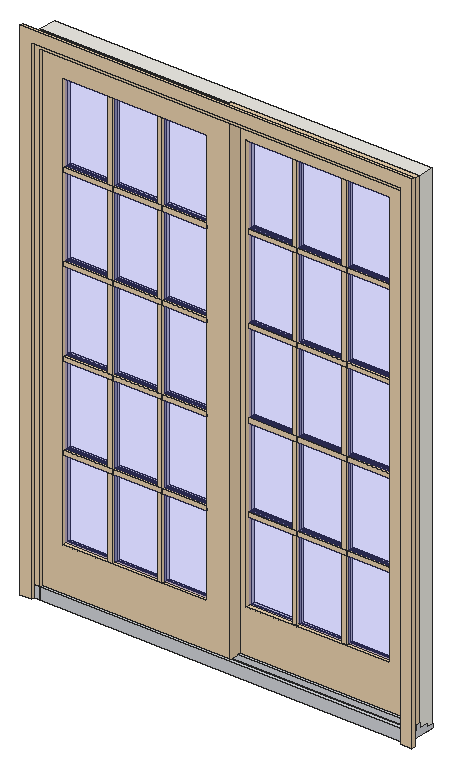
Revit family "Door-Gliding-Andersen-A_Series-Double 3", category Doors, host Wall, Revit 2013 (continued)
Dimensions and locks (in)
  aligned and locked: plane 3 "R Frame" to Masking region 6 sketch curve
  aligned and locked: Masking region 7 sketch curve to plane 13 "Casing S1"
  aligned and locked: Masking region 7 sketch curve to plane 4 "L Frame"
  aligned and locked: plane 10 "Flange" to Masking region 7 sketch curve
  aligned and locked: plane 23 "L Casing 4" to Masking region 7 sketch curve
  aligned and locked: level to Extrusion 5 sketch curve  (x2)
  aligned and locked: Extrusion 5 sketch curve to plane 34 "R Int Casing"
  aligned and locked: plane 36 "R Xjamb 1" to Extrusion 5 sketch curve
  aligned and locked: plane 40 "T Int Casing" to Extrusion 5 sketch curve
  aligned and locked: Extrusion 5 sketch curve to plane 42 "T Xjamb 1"
  aligned and locked: plane 37 "L Int Casing" to Extrusion 5 sketch curve
  aligned and locked: Extrusion 5 sketch curve to plane 39 "L Xjamb 1"
  aligned and locked: Extrusion 5 to host wall
  aligned and locked: Extrusion 5 to plane 8 "Interior Casing"
  aligned and locked: level to Extrusion 6 sketch curve  (x2)
  aligned and locked: plane 36 "R Xjamb 1" to Extrusion 6 sketch curve
  aligned and locked: Extrusion 6 sketch curve to plane 35 "R Xjamb 2"
  aligned and locked: Extrusion 6 sketch curve to plane 42 "T Xjamb 1"
  aligned and locked: plane 41 "T Xjamb 2" to Extrusion 6 sketch curve
  aligned and locked: Extrusion 6 sketch curve to plane 39 "L Xjamb 1"
  aligned and locked: plane 38 "L Xjamb 2" to Extrusion 6 sketch curve
  aligned and locked: plane 52 "Xjamb S1" to Extrusion 6
  aligned and locked: host wall to Extrusion 6
  aligned and locked: plane 10 "Flange" to Masking region 4 sketch curve
  aligned and locked: Masking region 5 sketch curve to plane 10 "Flange"
  aligned and locked: plane 56 "Sill Interior" to Masking region 2 sketch curve
  aligned and locked: plane 9 "Frame S2" to curve 6
  aligned and locked: Masking region 8 sketch curve to plane 20 "R Casing 4"
  aligned and locked: plane 23 "L Casing 4" to Masking region 8 sketch curve
  aligned and locked: level to Masking region 8 sketch curve  (x2)
  aligned and locked: level to Masking region 9 sketch curve  (x2)
  aligned and locked: plane 37 "L Int Casing" to Masking region 9 sketch curve
  aligned and locked: Masking region 9 sketch curve to plane 34 "R Int Casing"
  aligned and locked: plane 40 "T Int Casing" to Masking region 9 sketch curve
  aligned and locked: plane 32 "T Casing 4" to Masking region 8 sketch curve
  aligned and locked: Masking region 10 sketch curve to plane 59 "R Stop"
  aligned and locked: plane 58 "L Stop" to Masking region 10 sketch curve
  aligned and locked: level to Masking region 10 sketch curve
  aligned and locked: plane 60 "T Stop" to Masking region 10 sketch curve
  aligned and locked: Masking region 10 sketch curve to plane 3 "R Frame"
  aligned and locked: plane 5 "T Frame" to Masking region 10 sketch curve
  aligned and locked: plane 4 "L Frame" to Masking region 10 sketch curve
  aligned and locked: plane 12 "Casing S2" to curve 2
  aligned and locked: Sweep 3 to plane 10 "Flange"
  aligned and locked: Masking region 9 sketch curve to plane 39 "L Xjamb 1"
  aligned and locked: plane 36 "R Xjamb 1" to Masking region 9 sketch curve
  aligned and locked: Masking region 9 sketch curve to plane 42 "T Xjamb 1"
  aligned and locked: plane 4 "L Frame" to Masking region 11 sketch curve
  aligned and locked: plane 5 "T Frame" to Masking region 11 sketch curve
  aligned and locked: Masking region 11 sketch curve to plane 3 "R Frame"
  aligned and locked: level to Masking region 11 sketch curve
  aligned and locked: Masking region 11 sketch curve to plane 45 "B Panel"
  aligned and locked: plane 58 "L Stop" to Masking region 11 sketch curve
  aligned and locked: Masking region 11 sketch curve to plane 59 "R Stop"
  aligned and locked: plane 60 "T Stop" to Masking region 11 sketch curve
  aligned and locked: plane 64 "R Panel Width" to Masking region 12 sketch curve
  aligned and locked: plane 61 "Sill Height" to Masking region 10 sketch curve
  aligned and locked: plane 65 "L Panel Width" to Masking region 13 sketch curve
  aligned and locked: plane 66 "R Panel Jamb" to curve 51
  aligned and locked: curve 50 to plane 46 "B Glazing"
  aligned and locked: curve 49 to plane 49 "R Glazing"
  aligned and locked: plane 47 "T Glazing" to curve 48
  aligned and locked: plane 48 "L Glazing" to curve 55
  aligned and locked: curve 54 to plane 46 "B Glazing"
  aligned and locked: plane 67 "L Panel Jamb" to curve 53
  aligned and locked: plane 47 "T Glazing" to curve 52
  aligned and locked: plane 64 "R Panel Width" to curve 60
  aligned and locked: plane 51 "Panel1 S2" to curve 59
  aligned and locked: curve 57 to plane 50 "Panel1 S1"
  aligned and locked: plane 63 "Panel2 S2" to curve 63
  aligned and locked: curve 61 to plane 62 "Panel2 S1"
  aligned and locked: plane 65 "L Panel Width" to curve 62
  aligned and locked: Masking region 13 sketch curve to plane 45 "B Panel"
  aligned and locked: plane 43 "L Panel" to Masking region 13 sketch curve
  aligned and locked: plane 44 "T Panel" to Masking region 13 sketch curve
  aligned and locked: Masking region 12 sketch curve to plane 45 "B Panel"
  aligned and locked: plane 44 "T Panel" to Masking region 12 sketch curve
  aligned and locked: plane 63 "Panel2 S2" to curve 75
  aligned and locked: curve 74 to plane 45 "B Panel"
  aligned and locked: curve 73 to plane 62 "Panel2 S1"
  aligned and locked: curve 76 to plane 50 "Panel1 S1"
  aligned and locked: curve 77 to plane 45 "B Panel"
  aligned and locked: plane 51 "Panel1 S2" to curve 78
  aligned and locked: Masking region 14 sketch curve to plane 34 "R Int Casing"
  aligned and locked: host wall to Masking region 14 sketch curve
  aligned and locked: plane 36 "R Xjamb 1" to Masking region 14 sketch curve
  aligned and locked: plane 8 "Interior Casing" to Masking region 14 sketch curve
  aligned and locked: Masking region 15 sketch curve to plane 52 "Xjamb S1"
  aligned and locked: Masking region 15 sketch curve to host wall
  aligned and locked: Masking region 15 sketch curve to plane 35 "R Xjamb 2"
  aligned and locked: plane 36 "R Xjamb 1" to Masking region 15 sketch curve
  aligned and locked: host wall to Masking region 16 sketch curve
  aligned and locked: plane 37 "L Int Casing" to Masking region 16 sketch curve
  aligned and locked: plane 8 "Interior Casing" to Masking region 16 sketch curve
  aligned and locked: Masking region 16 sketch curve to plane 39 "L Xjamb 1"
  aligned and locked: Masking region 17 sketch curve to plane 39 "L Xjamb 1"
  aligned and locked: Masking region 17 sketch curve to host wall
  aligned and locked: plane 38 "L Xjamb 2" to Masking region 17 sketch curve
  aligned and locked: Masking region 17 sketch curve to plane 52 "Xjamb S1"
  aligned and locked: plane 7 "Wall S2" to Masking region 18 sketch curve
  aligned and locked: level to Masking region 18 sketch curve
  aligned and locked: plane 8 "Interior Casing" to Masking region 18 sketch curve
  aligned and locked: plane 40 "T Int Casing" to Masking region 18 sketch curve
  aligned and locked: plane 8 "Interior Casing" to curve 93
  aligned and locked: Masking region 19 sketch curve to plane 52 "Xjamb S1"
  aligned and locked: level to Masking region 19 sketch curve
  aligned and locked: Masking region 19 sketch curve to host wall
  aligned and locked: plane 41 "T Xjamb 2" to Masking region 19 sketch curve
  aligned and locked: plane 52 "Xjamb S1" to curve 94
  aligned and locked: host wall to curve 94
  aligned and locked: nested 4 to plane 47 "T Glazing"
  aligned and locked: nested 3 to plane 49 "R Glazing"
  aligned and locked: nested 2 to plane 49 "R Glazing"
  aligned and locked: nested 1 to plane 49 "R Glazing"
  aligned and locked: nested 5 to plane 47 "T Glazing"
  aligned and locked: plane 43 "L Panel" to curve 5
  aligned and locked: curve 95 to plane 72 "Panel Elevation Center"
  aligned and locked: plane 74 "Slade Arrow" to curve 97
  aligned and locked: Sweep 7 sketch curve to plane 3 "R Frame"
  aligned and locked: level to Sweep 7 sketch curve
  aligned and locked: Sweep 8 sketch curve to plane 4 "L Frame"
  aligned and locked: level to Sweep 8 sketch curve
  aligned and locked: plane 4 "L Frame" to Sweep 8 sketch curve
  aligned and locked: curve 85 to plane 70 "Panel 2 Glazing 2"
  aligned and locked: Masking region 2 sketch curve to plane 53 "Frame S2 Ext"
  aligned and locked: plane 53 "Frame S2 Ext" to curve 56
  aligned and locked: plane 53 "Frame S2 Ext" to curve 5
  aligned and locked: plane 63 "Panel2 S2" to curve 154
  aligned and locked: plane 63 "Panel2 S2" to curve 155
  aligned and locked: plane 50 "Panel1 S1" to curve 154
  aligned and locked: plane 50 "Panel1 S1" to curve 155
  aligned and locked: plane 31 "T Casing 3" to curve 1
  aligned and locked: plane 13 "Casing S1" to curve 1
  aligned and locked: curve 165 to plane 68 "Panel 1 Glazing 1"
  aligned and locked: plane 70 "Panel 2 Glazing 2" to curve 172
  aligned and locked: plane 68 "Panel 1 Glazing 1" to curve 179
  aligned and locked: plane 13 "Casing S1" to curve 4
  aligned and locked: plane 47 "T Glazing" to curve 85
  aligned and locked: plane 47 "T Glazing" to curve 165
  aligned and locked: plane 73 "Vertical Bar Length" to curve 172
  aligned and locked: plane 73 "Vertical Bar Length" to curve 179
  aligned and locked: plane 13 "Casing S1" to curve 186
  aligned and locked: plane 10 "Flange" to curve 186
  aligned and locked: plane 53 "Frame S2 Ext" to curve 187
  aligned and locked: plane 9 "Frame S2" to curve 187
  aligned and locked: plane 20 "R Casing 4" to curve 186
  aligned and locked: plane 3 "R Frame" to curve 187
  aligned and locked: plane 13 "Casing S1" to curve 184
  aligned and locked: plane 10 "Flange" to curve 184
  aligned and locked: plane 53 "Frame S2 Ext" to curve 185
  aligned and locked: plane 9 "Frame S2" to curve 185
  aligned and locked: plane 23 "L Casing 4" to curve 184
  aligned and locked: plane 4 "L Frame" to curve 185
  aligned and locked: plane 13 "Casing S1" to curve 188
  aligned and locked: plane 10 "Flange" to curve 188
  aligned and locked: plane 9 "Frame S2" to curve 189
  aligned and locked: plane 32 "T Casing 4" to curve 188
  aligned and locked: plane 5 "T Frame" to curve 189
  aligned and locked: plane 4 "L Frame" to Masking region 8 sketch curve
  aligned and locked: plane 5 "T Frame" to Masking region 8 sketch curve
  aligned and locked: Masking region 8 sketch curve to plane 3 "R Frame"
  aligned and locked: plane 3 "R Frame" to Sweep 7 sketch curve
  aligned and locked: plane 11 "Frame S1" to Sweep 7 sketch curve
  aligned and locked: Sweep 7 sketch curve to plane 62 "Panel2 S1"
  aligned and locked: plane 63 "Panel2 S2" to Sweep 7 sketch curve
  aligned and locked: Sweep 7 sketch curve to plane 59 "R Stop"
  aligned and locked: Sweep 7 sketch curve to plane 50 "Panel1 S1"
  aligned and locked: Sweep 7 sketch curve to plane 36 "R Xjamb 1"
  aligned and locked: plane 2 "Center (Left/Right)" to Sweep 7 sketch curve
  aligned and locked: Sweep 7 sketch curve to plane 5 "T Frame"
  aligned and locked: plane 44 "T Panel" to Extrusion 9 sketch curve
  aligned and locked: plane 43 "L Panel" to Extrusion 9 sketch curve
  aligned and locked: Extrusion 9 sketch curve to plane 45 "B Panel"
  aligned and locked: Extrusion 9 sketch curve to plane 46 "B Glazing"
  aligned and locked: plane 67 "L Panel Jamb" to Extrusion 9 sketch curve
  aligned and locked: plane 48 "L Glazing" to Extrusion 9 sketch curve
  aligned and locked: plane 47 "T Glazing" to Extrusion 9 sketch curve
  aligned and locked: plane 44 "T Panel" to Extrusion 10 sketch curve
  aligned and locked: Extrusion 10 sketch curve to plane 45 "B Panel"
  aligned and locked: Extrusion 10 sketch curve to plane 46 "B Glazing"
  aligned and locked: Extrusion 10 sketch curve to plane 49 "R Glazing"
  aligned and locked: plane 66 "R Panel Jamb" to Extrusion 10 sketch curve
  aligned and locked: plane 47 "T Glazing" to Extrusion 10 sketch curve
  aligned and locked: Extrusion 10 to plane 51 "Panel1 S2"
  aligned and locked: plane 69 "Panel 1 Glazing 2" to Extrusion 10
  aligned and locked: plane 71 "Panel 2 Glazing 1" to Extrusion 9
  aligned and locked: Extrusion 9 to plane 63 "Panel2 S2"
  aligned and locked: plane 44 "T Panel" to Extrusion 11 sketch curve
  aligned and locked: Extrusion 11 sketch curve to plane 45 "B Panel"
  aligned and locked: plane 43 "L Panel" to Extrusion 11 sketch curve
  aligned and locked: Extrusion 11 sketch curve to plane 46 "B Glazing"
  aligned and locked: plane 48 "L Glazing" to Extrusion 11 sketch curve
  aligned and locked: plane 67 "L Panel Jamb" to Extrusion 11 sketch curve
  aligned and locked: plane 47 "T Glazing" to Extrusion 11 sketch curve
  aligned and locked: plane 44 "T Panel" to Extrusion 12 sketch curve
  aligned and locked: Extrusion 12 sketch curve to plane 45 "B Panel"
  aligned and locked: Extrusion 12 sketch curve to plane 46 "B Glazing"
  aligned and locked: plane 66 "R Panel Jamb" to Extrusion 12 sketch curve
  aligned and locked: Extrusion 12 sketch curve to plane 49 "R Glazing"
  aligned and locked: plane 47 "T Glazing" to Extrusion 12 sketch curve
  aligned and locked: Extrusion 12 to plane 69 "Panel 1 Glazing 2"
  aligned and locked: plane 50 "Panel1 S1" to Extrusion 12
  aligned and locked: Extrusion 11 to plane 71 "Panel 2 Glazing 1"
  aligned and locked: plane 62 "Panel2 S1" to Extrusion 11
  aligned and locked: plane 47 "T Glazing" to Extrusion 13 sketch curve
  aligned and locked: plane 48 "L Glazing" to Extrusion 13 sketch curve
  aligned and locked: plane 67 "L Panel Jamb" to Extrusion 13 sketch curve
  aligned and locked: Extrusion 13 sketch curve to plane 46 "B Glazing"
  aligned and locked: plane 47 "T Glazing" to Extrusion 14 sketch curve
  aligned and locked: Extrusion 14 sketch curve to plane 49 "R Glazing"
  aligned and locked: Extrusion 14 sketch curve to plane 46 "B Glazing"
  aligned and locked: plane 66 "R Panel Jamb" to Extrusion 14 sketch curve
  aligned and locked: plane 69 "Panel 1 Glazing 2" to Extrusion 14
  aligned and locked: Extrusion 14 to plane 68 "Panel 1 Glazing 1"
  aligned and locked: plane 71 "Panel 2 Glazing 1" to Extrusion 13
  aligned and locked: Extrusion 13 to plane 70 "Panel 2 Glazing 2"
  aligned and locked: Extrusion 15 sketch curve to plane 62 "Panel2 S1"
  aligned and locked: plane 50 "Panel1 S1" to Extrusion 15 sketch curve
  aligned and locked: plane 45 "B Panel" to Extrusion 15
  aligned and locked: Extrusion 15 to plane 44 "T Panel"
  aligned and locked: plane 51 "Panel1 S2" to Extrusion 16 sketch curve
  aligned and locked: Extrusion 16 sketch curve to plane 63 "Panel2 S2"
  aligned and locked: plane 45 "B Panel" to Extrusion 16
  aligned and locked: Extrusion 16 to plane 44 "T Panel"
  aligned and locked: curve 196 to plane 10 "Flange"
  aligned and locked: plane 3 "R Frame" to curve 196
  aligned and locked: curve 154 to plane 65 "L Panel Width"
  aligned and locked: plane 4 "L Frame" to curve 208
  aligned and locked: curve 208 to plane 10 "Flange"
  aligned and locked: plane 2 "Center (Left/Right)" to Sweep 8 sketch curve
  aligned and locked: plane 5 "T Frame" to Sweep 8 sketch curve
  aligned and locked: plane 4 "L Frame" to Sweep 17 sketch curve
  aligned and locked: plane 3 "R Frame" to Sweep 17 sketch curve  (x2)
  aligned and locked: level to Sweep 17 sketch curve
  aligned and locked: Sweep 17 sketch curve to plane 5 "T Frame"
  aligned and locked: Sweep 17 sketch curve to plane 9 "Frame S2"
  aligned and locked: plane 51 "Panel1 S2" to Sweep 17 sketch curve
  aligned and locked: Sweep 17 sketch curve to plane 59 "R Stop"
  aligned and locked: plane 50 "Panel1 S1" to Sweep 17 sketch curve
  aligned and locked: Extrusion 18 sketch curve to plane 63 "Panel2 S2"
  aligned and locked: plane 4 "L Frame" to Extrusion 18 sketch curve
  aligned and locked: plane 9 "Frame S2" to Extrusion 18 sketch curve
  aligned and locked: Extrusion 18 sketch curve to curve 92
  aligned and locked: Extrusion 18 sketch curve to curve 204
  aligned and locked: Extrusion 18 sketch curve to curve 91
  aligned and locked: Extrusion 18 sketch curve to curve 101
  aligned and locked: Extrusion 18 to plane 5 "T Frame"
  aligned and locked: Extrusion 18 to level
  aligned and locked: level to Extrusion 19 sketch curve
  aligned and locked: plane 56 "Sill Interior" to Extrusion 19 sketch curve
  aligned and locked: plane 61 "Sill Height" to Extrusion 19 sketch curve  (x2)
  aligned and locked: Extrusion 19 sketch curve to plane 51 "Panel1 S2"
  aligned and locked: Extrusion 19 sketch curve to curve 33
  aligned and locked: plane 50 "Panel1 S1" to Extrusion 19 sketch curve
  aligned and locked: Extrusion 19 sketch curve to plane 63 "Panel2 S2"
  aligned and locked: Extrusion 19 sketch curve to plane 62 "Panel2 S1"
  aligned and locked: Extrusion 19 sketch curve to curve 26
  aligned and locked: Extrusion 19 sketch curve to curve 27
  aligned and locked: curve 122 to Extrusion 19 sketch curve
  aligned and locked: Extrusion 19 to plane 4 "L Frame"
  aligned and locked: plane 3 "R Frame" to Extrusion 19
  aligned and locked: Extrusion 20 sketch curve to plane 60 "T Stop"
  aligned and locked: Extrusion 20 sketch curve to plane 63 "Panel2 S2"
  aligned and locked: plane 50 "Panel1 S1" to Extrusion 20 sketch curve
  aligned and locked: plane 5 "T Frame" to Extrusion 20 sketch curve
  aligned and locked: Extrusion 20 to plane 2 "Center (Left/Right)"
  aligned and locked: Extrusion 20 to plane 4 "L Frame"
  aligned and locked: Extrusion 21 sketch curve to plane 63 "Panel2 S2"
  aligned and locked: plane 62 "Panel2 S1" to Extrusion 21 sketch curve
  aligned and locked: Extrusion 21 sketch curve to Extrusion 19
  aligned and locked: Extrusion 21 to plane 43 "L Panel"
  aligned and locked: Extrusion 21 to plane 65 "L Panel Width"
  aligned and locked: level to curve 36
  aligned and locked: plane 56 "Sill Interior" to curve 36
  aligned and locked: curve 26 to plane 57 "Sill Exterior"
  aligned and locked: plane 64 "R Panel Width" to curve 155
  aligned and locked: plane 5 "T Frame" to curve 220
  aligned and locked: plane 10 "Flange" to curve 220
  aligned and locked: Masking region 1 sketch curve to level
  aligned and locked: Masking region 3 sketch curve to plane 57 "Sill Exterior"
  aligned and locked: Extrusion 19 to Masking region 3 sketch curve
  aligned and locked: plane 42 "T Xjamb 1" to curve 93
  aligned and locked: nested 6 to plane 47 "T Glazing"
  aligned and locked: nested 7 to plane 47 "T Glazing"
  aligned and locked: nested 8 to plane 47 "T Glazing"
  aligned and locked: nested 9 to plane 48 "L Glazing"
  aligned and locked: nested 12 to plane 48 "L Glazing"
  aligned and locked: nested 10 to plane 48 "L Glazing"
  aligned and locked: nested 11 to plane 48 "L Glazing"
  aligned and locked: plane 2 "Center (Left/Right)" to Extrusion 9 sketch curve
  aligned and locked: Extrusion 10 sketch curve to plane 2 "Center (Left/Right)"
  aligned and locked: plane 2 "Center (Left/Right)" to Extrusion 11 sketch curve
  aligned and locked: Extrusion 15 sketch curve to plane 2 "Center (Left/Right)"
  aligned and locked: plane 2 "Center (Left/Right)" to Extrusion 16 sketch curve
  aligned and locked: plane 64 "R Panel Width" to Extrusion 16 sketch curve
  aligned and locked: plane 65 "L Panel Width" to Extrusion 15 sketch curve
  aligned and locked: level to Extrusion 22 sketch curve  (x2)
  aligned and locked: plane 4 "L Frame" to Extrusion 22 sketch curve
  aligned and locked: Extrusion 22 sketch curve to plane 3 "R Frame"
  aligned and locked: plane 5 "T Frame" to Extrusion 22 sketch curve
  aligned and locked: plane 11 "Frame S1" to Extrusion 22
  aligned and locked: Extrusion 22 sketch curve to plane 43 "L Panel"
  aligned and locked: Extrusion 22 sketch curve to plane 44 "T Panel"
  aligned and locked: Extrusion 23 sketch curve to plane 11 "Frame S1"
  aligned and locked: level to Extrusion 23 sketch curve
  aligned and locked: plane 9 "Frame S2" to Extrusion 23 sketch curve
  aligned and locked: plane 45 "B Panel" to Extrusion 23 sketch curve
  aligned and locked: plane 3 "R Frame" to Extrusion 23
  aligned and locked: Extrusion 23 to plane 4 "L Frame"
  aligned and locked: Extrusion 22 to plane 75 "R Panel"
  aligned and locked: Sweep 7 sketch curve to plane 75 "R Panel"
  aligned and locked: plane 75 "R Panel" to cut or joined group of Extrusion 10, Extrusion 16
  aligned and locked: plane 75 "R Panel" to curve 56
  aligned and locked: curve 58 to plane 75 "R Panel"
  aligned and locked: Sweep 17 sketch curve to plane 75 "R Panel"
  aligned and locked: plane 75 "R Panel" to Extrusion 12
  aligned and locked: Sweep 8 sketch curve to plane 43 "L Panel"
  aligned and locked: plane 43 "L Panel" to curve 61
  aligned and locked: Masking region 12 sketch curve to plane 75 "R Panel"
  aligned and locked: Extrusion 22 to plane 63 "Panel2 S2"
  aligned and locked: Extrusion 24 sketch curve to plane 43 "L Panel"
  aligned and locked: level to Extrusion 24 sketch curve  (x2)
  aligned and locked: plane 4 "L Frame" to Extrusion 24 sketch curve
  aligned and locked: Extrusion 24 sketch curve to plane 44 "T Panel"
  aligned and locked: plane 5 "T Frame" to Extrusion 24 sketch curve
  aligned and locked: plane 75 "R Panel" to Extrusion 24 sketch curve
  aligned and locked: Extrusion 24 sketch curve to plane 3 "R Frame"
  aligned and locked: Extrusion 24 to plane 9 "Frame S2"
  aligned and locked: plane 63 "Panel2 S2" to Extrusion 24
  aligned and locked: plane 13 "Casing S1" to Extrusion 4
  aligned and locked: plane 62 "Panel2 S1" to curve 248
  aligned and locked: curve 254 to plane 48 "L Glazing"
  aligned and locked: plane 50 "Panel1 S1" to curve 238
  aligned and locked: curve 244 to plane 49 "R Glazing"
  aligned and locked: plane 62 "Panel2 S1" to curve 138
  aligned and locked: plane 50 "Panel1 S1" to curve 146
  aligned and locked: curve 152 to plane 66 "R Panel Jamb"
  aligned and locked: plane 67 "L Panel Jamb" to curve 144
  aligned and locked: plane 49 "R Glazing" to curve 70
  aligned and locked: plane 49 "R Glazing" to curve 69
  aligned and locked: plane 66 "R Panel Jamb" to curve 70
  aligned and locked: plane 66 "R Panel Jamb" to curve 69
  aligned and locked: plane 67 "L Panel Jamb" to curve 72
  aligned and locked: plane 67 "L Panel Jamb" to curve 71
  aligned and locked: plane 48 "L Glazing" to curve 72
  aligned and locked: plane 48 "L Glazing" to curve 71
  aligned and locked: nested 15 to plane 47 "T Glazing"
  aligned and locked: nested 16 to plane 66 "R Panel Jamb"
  aligned and locked: plane 9 "Frame S2" to curve 56
  aligned and locked: plane 9 "Frame S2" to curve 5
Automatic sketch dimensions
  curve 5 to curve 5 = 0' - 5 7/8"
  curve 84 to curve 83 = 0' - 1 9/32"
  curve 83 to curve 83 = 0' - 0.88911"
  curve 84 to curve 85 = 0' - 0 17/32"
  curve 85 to curve 83 = 0' - 0 3/4"
  curve 126 to curve 127 = 0' - 0.59328"
  curve 127 to curve 128 = 0' - 0.49878"  (x2)
  curve 128 to curve 128 = 0' - 0 1/2"
  curve 128 to curve 129 = 0' - 0.49878"
  curve 129 to curve 129 = 0' - 0.43515"  (x2)
  curve 126 to curve 126 = 0' - 0 5/8"
  curve 126 to curve 128 = 0' - 1.17676"
  curve 129 to curve 128 = 0' - 0.69409"
  curve 90 to curve 90 = 0' - 1.72"
  curve 90 to curve 91 = 0' - 0.91735"
  curve 91 to curve 92 = 0' - 0.51765"
  curve 91 to curve 92 = 0' - 0"
  curve 91 to curve 92 = 0' - 0.953"
  curve 91 to curve 92 = 0' - 0.329"
  curve 7 to curve 7 = 0' - 1.72"
  curve 7 to curve 8 = 0' - 0.91735"
  curve 8 to curve 9 = 0' - 0.51765"
  curve 8 to curve 9 = 0' - 0"
  curve 8 to curve 9 = 0' - 0.953"
  curve 8 to curve 9 = 0' - 0.329"
  curve 92 to curve 92 = 0' - 1.574"
  curve 91 to curve 90 = 0' - 0.7815"
  curve 9 to curve 9 = 0' - 1.574"
  curve 8 to curve 7 = 0' - 0.7815"
  curve 15 to curve 15 = 0' - 1.72"
  curve 13 to curve 12 = 0' - 0.614"
  curve 11 to curve 11 = 0' - 1.72"
  curve 11 to curve 214 = 0' - 0.09"
  curve 10 to curve 222 = 0' - 0 107/128"
  curve 214 to curve 223 = 0' - 0.09682"
  curve 17 to curve 16 = 0' - 0.675"
  curve 220 to curve 10 = 0' - 0.2565"
  curve 222 to curve 223 = 0' - 0.12326"
  curve 16 to curve 13 = 0' - 0"
  curve 12 to curve 10 = 0' - 0.172"
  curve 13 to curve 15 = 0' - 0.57231"
  curve 12 to curve 12 = 0' - 0.57231"
  curve 11 to curve 222 = 0' - 0.42169"
  curve 214 to curve 222 = 0' - 0.266"
  curve 10 to curve 220 = 0' - 0 3/4"
  curve 220 to curve 220 = 0' - 1 5/8"
  curve 23 to curve 23 = 0' - 1.72"
  curve 21 to curve 20 = 0' - 0.614"
  curve 19 to curve 19 = 0' - 1.72"
  curve 19 to curve 217 = 0' - 0.09"
  curve 18 to curve 224 = 0' - 0 107/128"
  curve 217 to curve 225 = 0' - 0.09682"
  curve 25 to curve 24 = 0' - 0.675"
  curve 221 to curve 18 = 0' - 0.2565"
  curve 224 to curve 225 = 0' - 0.12326"
  curve 24 to curve 21 = 0' - 0"
  curve 20 to curve 18 = 0' - 0.172"
  curve 21 to curve 23 = 0' - 0.57231"
  curve 20 to curve 20 = 0' - 0.57231"
  curve 19 to curve 224 = 0' - 0.42169"
  curve 217 to curve 224 = 0' - 0.266"
  curve 18 to curve 221 = 0' - 0 3/4"
  curve 221 to curve 221 = 0' - 1 5/8"
  curve 35 to curve 32 = 0' - 0.5255"
  curve 32 to curve 30 = 0' - 2.075"
  curve 31 to curve 122 = 0' - 0.28"
  curve 34 to curve 28 = 0' - 1.9385"
  curve 27 to curve 27 = 0' - 1.3685"
  curve 26 to curve 27 = 0' - 0.74863"
  curve 26 to curve 28 = 0' - 0.0713"
  curve 27 to curve 33 = 0' - 0.33928"
  curve 36 to curve 33 = 0' - 1.4488"
  curve 30 to curve 34 = 0' - 0.32344"
  curve 32 to curve 123 = 0' - 0.4102"
  curve 27 to curve 29 = 0' - 1 5/128"
  curve 29 to curve 34 = 0' - 0.24289"
  curve 31 to curve 35 = 0' - 0.313"
  curve 27 to curve 122 = 0' - 0.46376"
  curve 34 to curve 226 = 0' - 0.07011"
  curve 36 to curve 30 = 0' - 1.1592"
  curve 46 to curve 43 = 0' - 0.5255"
  curve 43 to curve 41 = 0' - 2.075"
  curve 42 to curve 124 = 0' - 0.28"
  curve 45 to curve 39 = 0' - 1.9385"
  curve 38 to curve 38 = 0' - 1.3685"
  curve 37 to curve 38 = 0' - 0.74863"
  curve 37 to curve 39 = 0' - 0.0713"
  curve 38 to curve 44 = 0' - 0.33928"
  curve 47 to curve 44 = 0' - 1.4488"
  curve 41 to curve 45 = 0' - 0.32344"
  curve 43 to curve 125 = 0' - 0.4102"
  curve 38 to curve 40 = 0' - 1 5/128"
  curve 40 to curve 45 = 0' - 0.24289"
  curve 42 to curve 46 = 0' - 0.313"
  curve 38 to curve 124 = 0' - 0.46376"
  curve 45 to curve 227 = 0' - 0.07011"
  curve 47 to curve 41 = 0' - 1.1592"
  curve 111 to curve 108 = 0' - 0"
  curve 110 to curve 195 = 0' - 0.172"
  curve 108 to curve 113 = 0' - 0.5565"
  curve 110 to curve 110 = 0' - 0.5565"
  curve 109 to curve 190 = 0' - 0 7/16"
  curve 190 to curve 192 = 0' - 0.266"
  curve 190 to curve 196 = 0' - 0 3/4"
  curve 196 to curve 196 = 0' - 1 5/8"
  curve 192 to curve 193 = 0' - 0.09682"
  curve 190 to curve 191 = 0' - 0.83643"
  curve 191 to curve 109 = 0' - 0.09"
  curve 194 to curve 111 = 0' - 1.72"
  curve 109 to curve 113 = 0' - 0.614"
  curve 112 to curve 114 = 0' - 1.72"
  curve 192 to curve 192 = 0' - 0.12276"
  curve 228 to curve 190 = 0' - 0.21957"
  curve 190 to curve 196 = 0' - 0.2565"
  curve 108 to curve 108 = 0' - 0.675"
  curve 118 to curve 115 = 0' - 0"
  curve 117 to curve 202 = 0' - 0.172"
  curve 115 to curve 120 = 0' - 0.5565"
  curve 117 to curve 117 = 0' - 0.5565"
  curve 116 to curve 197 = 0' - 0 7/16"
  curve 197 to curve 199 = 0' - 0.266"
  curve 197 to curve 203 = 0' - 0 3/4"
  curve 203 to curve 203 = 0' - 1 5/8"
  curve 200 to curve 199 = 0' - 0.09682"
  curve 198 to curve 197 = 0' - 0.83643"
  curve 116 to curve 198 = 0' - 0.09"
  curve 118 to curve 201 = 0' - 1.72"
  curve 120 to curve 116 = 0' - 0.614"
  curve 121 to curve 119 = 0' - 1.72"
  curve 199 to curve 199 = 0' - 0.12276"
  curve 197 to curve 229 = 0' - 0.21957"
  curve 203 to curve 197 = 0' - 0.2565"
  curve 115 to curve 115 = 0' - 0.675"
  curve 101 to curve 99 = 0' - 0.397"
  curve 99 to curve 100 = 0' - 0.822"
  curve 205 to curve 206 = 0' - 0.266"
  curve 101 to curve 204 = 0' - 0.624"
  curve 101 to curve 102 = 0' - 0.7815"
  curve 98 to curve 98 = 0' - 0.3845"
  curve 204 to curve 204 = 0' - 0.329"
  curve 100 to curve 208 = 0' - 0 3/4"
  curve 208 to curve 208 = 0' - 1 5/8"
  curve 102 to curve 99 = 0' - 1.72"
  curve 98 to curve 100 = 0' - 0.0895"
  curve 100 to curve 205 = 0' - 0.83643"
  curve 205 to curve 206 = 0' - 0.09682"
  curve 204 to curve 102 = 0' - 1.435"
  curve 204 to curve 101 = 0' - 0.51765"
  curve 208 to curve 100 = 0' - 0.256"
  curve 205 to curve 230 = 0' - 0.22007"
  curve 206 to curve 207 = 0' - 0.12326"
  curve 106 to curve 104 = 0' - 0.397"
  curve 104 to curve 105 = 0' - 0.822"
  curve 210 to curve 211 = 0' - 0.266"
  curve 106 to curve 209 = 0' - 0.624"
  curve 106 to curve 107 = 0' - 0.7815"
  curve 103 to curve 103 = 0' - 0.3845"
  curve 209 to curve 209 = 0' - 0.329"
  curve 105 to curve 213 = 0' - 0 3/4"
  curve 213 to curve 213 = 0' - 1 5/8"
  curve 107 to curve 104 = 0' - 1.72"
  curve 103 to curve 105 = 0' - 0.0895"
  curve 105 to curve 210 = 0' - 0.83643"
  curve 210 to curve 211 = 0' - 0.09682"
  curve 209 to curve 107 = 0' - 1.435"
  curve 209 to curve 106 = 0' - 0.51765"
  curve 213 to curve 105 = 0' - 0.256"
  curve 210 to curve 231 = 0' - 0.22007"
  curve 211 to curve 212 = 0' - 0.12326"
  curve 152 to curve 150 = 0' - 0.26411"
  curve 149 to curve 148 = 0' - 0 5/8"
  curve 152 to curve 146 = 0' - 0.06617"
  curve 153 to curve 151 = 0' - 0 13/32"
  curve 149 to curve 151 = 0' - 0 17/32"
  curve 152 to curve 149 = 0' - 0.00866"
  curve 151 to curve 153 = 0' - 0 1/8"
  curve 233 to curve 232 = 0' - 0 1/2"
  curve 153 to curve 147 = 0' - 0 1/8"
  curve 146 to curve 146 = 0' - 0.43009"
  curve 152 to curve 146 = 0' - 0"
  curve 136 to curve 134 = 0' - 0.26411"
  curve 133 to curve 132 = 0' - 0 5/8"
  curve 136 to curve 130 = 0' - 0.06617"
  curve 137 to curve 135 = 0' - 0 13/32"
  curve 133 to curve 135 = 0' - 0 17/32"
  curve 136 to curve 133 = 0' - 0.00866"
  curve 135 to curve 137 = 0' - 0 1/8"
  curve 235 to curve 234 = 0' - 0 1/2"
  curve 137 to curve 131 = 0' - 0 1/8"
  curve 130 to curve 130 = 0' - 0.43009"
  curve 136 to curve 130 = 0' - 0"
  curve 144 to curve 142 = 0' - 0.26411"
  curve 141 to curve 140 = 0' - 0 5/8"
  curve 144 to curve 138 = 0' - 0.06617"
  curve 145 to curve 143 = 0' - 0 13/32"
  curve 143 to curve 141 = 0' - 0 17/32"
  curve 141 to curve 144 = 0' - 0.00866"
  curve 145 to curve 143 = 0' - 0 1/8"
  curve 236 to curve 237 = 0' - 0 1/2"
  curve 139 to curve 145 = 0' - 0 1/8"
  curve 138 to curve 138 = 0' - 0.43009"
  curve 144 to curve 138 = 0' - 0"
  curve 244 to curve 242 = 0' - 0.26411"
  curve 241 to curve 240 = 0' - 0 5/8"
  curve 244 to curve 238 = 0' - 0.06617"
  curve 245 to curve 243 = 0' - 0 13/32"
  curve 243 to curve 241 = 0' - 0 17/32"
  curve 241 to curve 244 = 0' - 0.00866"
  curve 245 to curve 243 = 0' - 0 1/8"
  curve 246 to curve 247 = 0' - 0 1/2"
  curve 239 to curve 245 = 0' - 0 1/8"
  curve 238 to curve 238 = 0' - 0.43009"
  curve 244 to curve 238 = 0' - 0"
  curve 254 to curve 252 = 0' - 0.26411"
  curve 251 to curve 250 = 0' - 0 5/8"
  curve 254 to curve 248 = 0' - 0.06617"
  curve 255 to curve 253 = 0' - 0 13/32"
  curve 251 to curve 253 = 0' - 0 17/32"
  curve 254 to curve 251 = 0' - 0.00866"
  curve 253 to curve 255 = 0' - 0 1/8"
  curve 257 to curve 256 = 0' - 0 1/2"
  curve 255 to curve 249 = 0' - 0 1/8"
  curve 248 to curve 248 = 0' - 0.43009"
  curve 254 to curve 248 = 0' - 0"
  plane 30 "T Casing 2" to curve 2 = 0' - 0"
  plane 46 "B Glazing" to curve 82 = 0' - 0"
  curve 82 to plane 68 "Panel 1 Glazing 1" = 0' - 0"
  plane 47 "T Glazing" to curve 81 = 0' - 0"
  curve 81 to plane 69 "Panel 1 Glazing 2" = 0' - 0"
  plane 47 "T Glazing" to curve 80 = 0' - 0"
  curve 80 to plane 70 "Panel 2 Glazing 2" = 0' - 0"
  plane 46 "B Glazing" to curve 79 = 0' - 0"
  curve 79 to plane 71 "Panel 2 Glazing 1" = 0' - 0"
  curve 3 to plane 11 "Frame S1" = 0' - 0"
  plane 46 "B Glazing" to curve 81 = 0' - 0"
  plane 46 "B Glazing" to curve 80 = 0' - 0"
  plane 47 "T Glazing" to curve 82 = 0' - 0"
  plane 47 "T Glazing" to curve 79 = 0' - 0"
  plane 44 "T Panel" to curve 78 = 0' - 0"
  plane 44 "T Panel" to curve 75 = 0' - 0"
  plane 44 "T Panel" to curve 76 = 0' - 0"
  plane 44 "T Panel" to curve 73 = 0' - 0"
  plane 46 "B Glazing" to curve 87 = 0' - 0.88911"
  curve 87 to curve 86 = 0' - 0"  (x2)
  plane 46 "B Glazing" to curve 89 = 0' - 0.88911"
  curve 89 to curve 88 = 0' - 0"  (x2)
  curve 88 to plane 47 "T Glazing" = 0' - 0.88911"
  curve 86 to plane 47 "T Glazing" = 0' - 0.88911"
  curve 68 to plane 48 "L Glazing" = 0' - 0"
  curve 68 to plane 71 "Panel 2 Glazing 1" = 0' - 0"
  curve 67 to plane 67 "L Panel Jamb" = 0' - 0"
  curve 67 to plane 70 "Panel 2 Glazing 2" = 0' - 0"
  curve 66 to plane 66 "R Panel Jamb" = 0' - 0"
  curve 66 to plane 69 "Panel 1 Glazing 2" = 0' - 0"
  curve 65 to plane 49 "R Glazing" = 0' - 0"
  curve 65 to plane 68 "Panel 1 Glazing 1" = 0' - 0"
  curve 6 to plane 3 "R Frame" = 0' - 0"
  curve 66 to plane 49 "R Glazing" = 0' - 0"
  curve 65 to plane 66 "R Panel Jamb" = 0' - 0"
  curve 68 to plane 67 "L Panel Jamb" = 0' - 0"
  curve 67 to plane 48 "L Glazing" = 0' - 0"
  curve 6 to plane 17 "R Casing 1" = 0' - 0 1/8"
  plane 71 "Panel 2 Glazing 1" to Sweep 8 sketch curve = 0' - 0.51959"
  profile plane to Sweep 8 sketch curve = 0' - 1.572"
  Sweep 8 sketch curve to plane 71 "Panel 2 Glazing 1" = 0' - 1.28991"
  Sweep 8 sketch curve to Sweep 8 sketch curve = 0' - 0 7/16"
  Sweep 8 sketch curve to Sweep 8 sketch curve = 0' - 0.0895"
  Sweep 8 sketch curve to Sweep 8 sketch curve = 0' - 1.0565"
  plane 75 "R Panel" to Extrusion 10 sketch curve = 0' - 0"
  Extrusion 12 sketch curve to plane 2 "Center (Left/Right)" = 0' - 0"
  plane 75 "R Panel" to Extrusion 12 sketch curve = 0' - 0"
  plane 45 "B Panel" to Extrusion 21 sketch curve = 0' - 0"
  plane 75 "R Panel" to Extrusion 22 sketch curve = 0' - 0"
Nested families (in)
  nested 1: "Andersen Grille Bar" at (-16.625, -2.31634, 50.4375) x (0, 0, 1) z (0, 1, 0), Bar Width <- "Grille Bar Size", Bar Length <- "H DLO", visible <- "TS S H Craftsman", type "Andersen Grille Bar"
    with Glass / 2 0' - 0 3/16", Glass 0' - 0 3/4", Center Line Length 2' - 3 1/2", Center Line 2, Bar Width 0' - 0 7/8", Bar Length 2' - 3 1/2"
  nested 2: "Andersen Grille Bar" at (-16.625, -2.31634, 50.4375) x (0, 0, 1) z (0, 1, 0), Bar Width <- "Grille Bar Size", Bar Length <- "H DLO", visible <- "TS S H", type "Andersen Grille Bar"
    with Glass / 2 0' - 0 3/16", Glass 0' - 0 3/4", Center Line Length 2' - 3 1/2", Center Line 2, Bar Width 0' - 0 7/8", Bar Length 2' - 3 1/2"
  nested 3: "Andersen Grille Bar" at (-16.625, -2.31634, 74.6625) x (0, 0, 1) z (0, 1, 0), Bar Width <- "Grille Bar Size", Bar Length <- "H DLO", visible <- "TS M H", type "Andersen Grille Bar"
    with Glass / 2 0' - 0 3/16", Glass 0' - 0 3/4", Center Line Length 2' - 3 1/2", Center Line 2, Bar Width 0' - 0 7/8", Bar Length 2' - 3 1/2"
  nested 4: "Andersen Grille Bar" at (-16.625, -2.31634, 50.4375) x (-1, 0, 0) z (0, 1, 0), Bar Width <- "Grille Bar Size", Bar Length <- "TS V Bar Length", visible <- "TS S V", type "Andersen Grille Bar"
    with Glass / 2 0' - 0 3/16", Glass 0' - 0 3/4", Center Line Length 6' - 7 7/8", Center Line 2, Bar Width 0' - 0 7/8", Bar Length 6' - 7 7/8"
  nested 5: "Andersen Grille Bar" at (-21.35417, -2.31634, 50.4375) x (-1, 0, 0) z (0, 1, 0), Bar Width <- "Grille Bar Size", Bar Length <- "TS V Bar Length", visible <- "TS M V", type "Andersen Grille Bar"
    with Glass / 2 0' - 0 3/16", Glass 0' - 0 3/4", Center Line Length 6' - 7 7/8", Center Line 2, Bar Width 0' - 0 7/8", Bar Length 6' - 7 7/8"
  nested 6: "Andersen Grille Bar" at (16.625, 0.01766, 50.4375) x (-1, 0, 0) z (0, 1, 0), Bar Length <- "TS V Bar Length", Bar Width <- "Grille Bar Size", visible <- "TS S V", type "Andersen Grille Bar"
    with Glass / 2 0' - 0 1/8", Glass 0' - 0 5/8", Center Line Length 6' - 7 7/8", Center Line 2, Bar Width 0' - 0 7/8", Bar Length 6' - 7 7/8"
  nested 7: "Andersen Grille Bar" at (21.35417, 0.01766, 50.4375) x (-1, 0, 0) z (0, 1, 0), Bar Length <- "TS V Bar Length", Bar Width <- "Grille Bar Size", visible <- "TS M V", type "Andersen Grille Bar"
    with Glass / 2 0' - 0 1/8", Glass 0' - 0 5/8", Center Line Length 6' - 7 7/8", Center Line 2, Bar Width 0' - 0 7/8", Bar Length 6' - 7 7/8"
  nested 8: "Andersen Grille Bar" at (11.89583, 0.01766, 50.4375) x (-1, 0, 0) z (0, 1, 0), Bar Length <- "TS V Bar Length", Bar Width <- "Grille Bar Size", visible <- "TS M V", type "Andersen Grille Bar"
    with Glass / 2 0' - 0 1/8", Glass 0' - 0 5/8", Center Line Length 6' - 7 7/8", Center Line 2, Bar Width 0' - 0 7/8", Bar Length 6' - 7 7/8"
  nested 9: "Andersen Grille Bar" at (16.625, 0.01766, 74.6625) x (0, 0, 1) z (0, 1, 0), Bar Length <- "H DLO", Bar Width <- "Grille Bar Size", visible <- "TS M H", type "Andersen Grille Bar"
    with Glass / 2 0' - 0 1/8", Glass 0' - 0 5/8", Center Line Length 2' - 3 1/2", Center Line 2, Bar Width 0' - 0 7/8", Bar Length 2' - 3 1/2"
  nested 10: "Andersen Grille Bar" at (16.625, 0.01766, 50.4375) x (0, 0, 1) z (0, 1, 0), Bar Length <- "H DLO", visible <- "TS S H Craftsman", Bar Width <- "Grille Bar Size", type "Andersen Grille Bar"
    with Glass / 2 0' - 0 1/8", Glass 0' - 0 5/8", Center Line Length 2' - 3 1/2", Center Line 2, Bar Width 0' - 0 7/8", Bar Length 2' - 3 1/2"
  nested 11: "Andersen Grille Bar" at (16.625, 0.01766, 50.4375) x (0, 0, 1) z (0, 1, 0), Bar Length <- "H DLO", visible <- "TS S H", Bar Width <- "Grille Bar Size", type "Andersen Grille Bar"
    with Glass / 2 0' - 0 1/8", Glass 0' - 0 5/8", Center Line Length 2' - 3 1/2", Center Line 2, Bar Width 0' - 0 7/8", Bar Length 2' - 3 1/2"
  nested 12: "Andersen Grille Bar" at (16.625, 0.01766, 26.2125) x (0, 0, 1) z (0, 1, 0), Bar Length <- "H DLO", Bar Width <- "Grille Bar Size", visible <- "TS M H", type "Andersen Grille Bar"
    with Glass / 2 0' - 0 1/8", Glass 0' - 0 5/8", Center Line Length 2' - 3 1/2", Center Line 2, Bar Width 0' - 0 7/8", Bar Length 2' - 3 1/2"
  nested 13: "Andersen Grille Bar" at (16.625, 0.01766, 58.5125) x (0, 0, 1) z (0, 1, 0), Bar Length <- "H DLO", Bar Width <- "Grille Bar Size", visible <- "TS M H", type "Andersen Grille Bar"
    with Glass / 2 0' - 0 1/8", Glass 0' - 0 5/8", Center Line Length 2' - 3 1/2", Center Line 2, Bar Width 0' - 0 7/8", Bar Length 2' - 3 1/2"
  nested 14: "Andersen Grille Bar" at (16.625, 0.01766, 42.3625) x (0, 0, 1) z (0, 1, 0), Bar Length <- "H DLO", Bar Width <- "Grille Bar Size", visible <- "TS M H", type "Andersen Grille Bar"
    with Glass / 2 0' - 0 1/8", Glass 0' - 0 5/8", Center Line Length 2' - 3 1/2", Center Line 2, Bar Width 0' - 0 7/8", Bar Length 2' - 3 1/2"
  nested 15: "Andersen Grille Bar" at (-11.89583, -2.31634, 50.4375) x (-1, 0, 0) z (0, 1, 0), Bar Width <- "Grille Bar Size", Bar Length <- "TS V Bar Length", visible <- "TS M V", type "Andersen Grille Bar"
    with Glass / 2 0' - 0 3/16", Glass 0' - 0 3/4", Center Line Length 6' - 7 7/8", Center Line 2, Bar Width 0' - 0 7/8", Bar Length 6' - 7 7/8"
  nested 16: "Andersen Grille Bar" at (-16.625, -2.31634, 26.2125) x (0, 0, 1) z (0, 1, 0), Bar Width <- "Grille Bar Size", Bar Length <- "H DLO", visible <- "TS M H", type "Andersen Grille Bar"
    with Glass / 2 0' - 0 3/16", Glass 0' - 0 3/4", Center Line Length 2' - 3 1/2", Center Line 2, Bar Width 0' - 0 7/8", Bar Length 2' - 3 1/2"
  nested 17: "Andersen Grille Bar" at (-16.625, -2.31634, 58.5125) x (0, 0, 1) z (0, 1, 0), Bar Width <- "Grille Bar Size", Bar Length <- "H DLO", visible <- "TS M H", type "Andersen Grille Bar"
    with Glass / 2 0' - 0 3/16", Glass 0' - 0 3/4", Center Line Length 2' - 3 1/2", Center Line 2, Bar Width 0' - 0 7/8", Bar Length 2' - 3 1/2"
  nested 18: "Andersen Grille Bar" at (-16.625, -2.31634, 42.3625) x (0, 0, 1) z (0, 1, 0), Bar Width <- "Grille Bar Size", Bar Length <- "H DLO", visible <- "TS M H", type "Andersen Grille Bar"
    with Glass / 2 0' - 0 3/16", Glass 0' - 0 3/4", Center Line Length 2' - 3 1/2", Center Line 2, Bar Width 0' - 0 7/8", Bar Length 2' - 3 1/2"
Definition of nested family "Andersen Grille Bar"
  Parameters (values of type "Andersen Grille Bar")
    Interior Bar Visibility = yes
    Interior Bar Material = none
    Glass / 2 [instance] = (Glass / 2) - 0' 0 3/16"  # 0' - 0 1/8"
    Glass [instance] = 0' - 0 5/8"
    Exterior Bar Visibility = yes
    Exterior Bar Finish = none
    Default Elevation = 4' - 0"
    Center Line Length [instance] = if(Center Line = 1, Bar Length + (Bar Width / 2), Bar Length)  # 0' - 4 7/16"
    Center Line [instance] = 1
    Between Glass Bar Visibility = yes
    Between Glass Bar Finish = none
    Bar Width [instance] = 0' - 0 7/8"
    Bar Length [instance] = 0' - 4"
  Reference planes (in)
    plane 1 "Center (Front/Back)": y = 0
    plane 2 "a": z = 0
    plane 3 "Center (Left/Right)": x = 0
    plane 4 "1": x = -0.4375
    plane 5 "2": x = 0.4375
    plane 6: y = 2
    plane 7: y = -2
    plane 8 "b": z = -0.625
    plane 9: z = -0.125
    plane 10: y = -2.4375
    plane 11 "a1": z = 12
    plane 12 "a2": z = -12
  Forms (in)
    Extrusion 1, solid
      sketch origin (0, 0, 0) x (1, 0, 0) y (0, 1, 0)
        loop
          line (-48, 48) -> (-48, -48) -> (48, -48) -> (48, 48) -> (-48, 48)
      from 0 to -12
    Extrusion 2, solid, material <- "Exterior Bar Finish", visible <- "Exterior Bar Visibility", detail levels fine
      sketch origin (0, 0, 0) x (1, 0, 0) y (0, 1, 0)
        loop
          line (-0.4375, 2) -> (-0.4375, -2) -> (0.4375, -2) -> (0.4375, 2) -> (-0.4375, 2)
      from 0 to 0.375
    Extrusion 3, solid, material <- "Between Glass Bar Finish", visible <- "Between Glass Bar Visibility", detail levels fine
      sketch origin (0, 0, 0) x (1, 0, 0) y (0, 1, 0)
        loop
          line (-0.4375, 2) -> (-0.4375, -2) -> (0.4375, -2) -> (0.4375, 2) -> (-0.4375, 2)
      from -0.5 to -0.125
    Extrusion 4, solid, material <- "Interior Bar Material", visible <- "Interior Bar Visibility", detail levels fine
      sketch origin (0, 0, 0) x (1, 0, 0) y (0, 1, 0)
        loop
          line (-0.4375, 2) -> (-0.4375, -2) -> (0.4375, -2) -> (0.4375, 2) -> (-0.4375, 2)
      from -1 to -0.625
  Lines and regions (in)
    model lines, style "GenericModel", detail levels coarse+medium
      curve 1: line (0, 2, 0) -> (0, -2.4375, 0)
    symbolic lines, style "GenericModel", detail levels coarse+medium
      curve 2: line (0, 2, 12) -> (0, -2.4375, 12)
      curve 3: line (0, 2, -12) -> (0, -2.4375, -12)
    model lines, style "InvisibleLines", not visible, detail levels coarse
      curve 4: line (0, 0, 12) -> (0, 0, -12)
    symbolic lines, detail levels fine
      curve 5: line (-0.4375, 2, 0) -> (-0.4375, -2, 0)
      curve 6: line (0.4375, 2, 0) -> (0.4375, -2, 0)
  Dimensions and locks (in)
    "Glass": plane 2 "a" to plane 8 "b"
    "Glass / 2": plane 2 "a" to plane 9
    locked: Extrusion 2 to Extrusion 2 at 0.375
    locked: plane 9 to Extrusion 3 at 0.375
    locked: plane 8 "b" to Extrusion 4 at 0.375
    equal spacing: plane 4 "1", plane 3 "Center (Left/Right)", plane 5 "2"
    equal spacing: plane 6, plane 1 "Center (Front/Back)", plane 7
    "Bar Width": plane 4 "1" to plane 5 "2"
    "Bar Length": plane 6 to plane 7
    "Center Line Length": plane 6 to plane 10
    locked: plane 11 "a1" to plane 2 "a" at 12
    locked: plane 2 "a" to plane 12 "a2" at 12
    aligned and locked: plane 2 "a" to Extrusion 1
    aligned and locked: level to Extrusion 1
    aligned and locked: Extrusion 2 to plane 2 "a"
    aligned and locked: Extrusion 2 to plane 4 "1"
    aligned and locked: plane 5 "2" to Extrusion 2
    aligned and locked: plane 6 to Extrusion 2
    aligned and locked: Extrusion 2 to plane 7
    aligned and locked: plane 9 to Extrusion 3
    aligned and locked: Extrusion 3 to plane 4 "1"
    aligned and locked: plane 5 "2" to Extrusion 3
    aligned and locked: plane 6 to Extrusion 3
    aligned and locked: Extrusion 3 to plane 7
    aligned and locked: plane 8 "b" to Extrusion 4
    aligned and locked: Extrusion 4 to plane 4 "1"
    aligned and locked: plane 5 "2" to Extrusion 4
    aligned and locked: plane 6 to Extrusion 4
    aligned and locked: Extrusion 4 to plane 7
    aligned and locked: plane 6 to curve 1
    aligned and locked: plane 10 to curve 1
    aligned and locked: curve 1 to plane 3 "Center (Left/Right)"
    aligned and locked: plane 6 to curve 2
    aligned and locked: plane 10 to curve 2
    aligned and locked: curve 2 to plane 3 "Center (Left/Right)"
    aligned and locked: plane 6 to curve 3
    aligned and locked: plane 10 to curve 3
    aligned and locked: curve 3 to plane 3 "Center (Left/Right)"
    aligned and locked: plane 11 "a1" to curve 4
    aligned and locked: plane 12 "a2" to curve 4
    aligned and locked: curve 4 to plane 1 "Center (Front/Back)"
    aligned and locked: plane 6 to curve 5
    aligned and locked: plane 6 to curve 6
    aligned and locked: plane 7 to curve 6
    aligned and locked: plane 7 to curve 5
    aligned and locked: curve 5 to plane 4 "1"
    aligned and locked: curve 6 to plane 5 "2"
  Automatic sketch dimensions
    Extrusion 1 sketch curve to Extrusion 1 sketch curve = 8' - 0"  (x2)
    plane 7 to Extrusion 2 sketch curve = 0' - 0"
    Extrusion 2 sketch curve to plane 5 "2" = 0' - 0 7/8"
    Extrusion 2 sketch curve to plane 6 = 0' - 0"
    Extrusion 2 sketch curve to Extrusion 2 sketch curve = 0' - 0 7/8"
    plane 7 to Extrusion 3 sketch curve = 0' - 0"
    Extrusion 3 sketch curve to plane 5 "2" = 0' - 0 7/8"
    Extrusion 3 sketch curve to plane 6 = 0' - 0"
    Extrusion 3 sketch curve to Extrusion 3 sketch curve = 0' - 0 7/8"
    Extrusion 4 sketch curve to plane 7 = 0' - 0"
    Extrusion 4 sketch curve to plane 5 "2" = 0' - 0 7/8"
    Extrusion 4 sketch curve to plane 6 = 0' - 0"
    Extrusion 4 sketch curve to Extrusion 4 sketch curve = 0' - 0 7/8"
